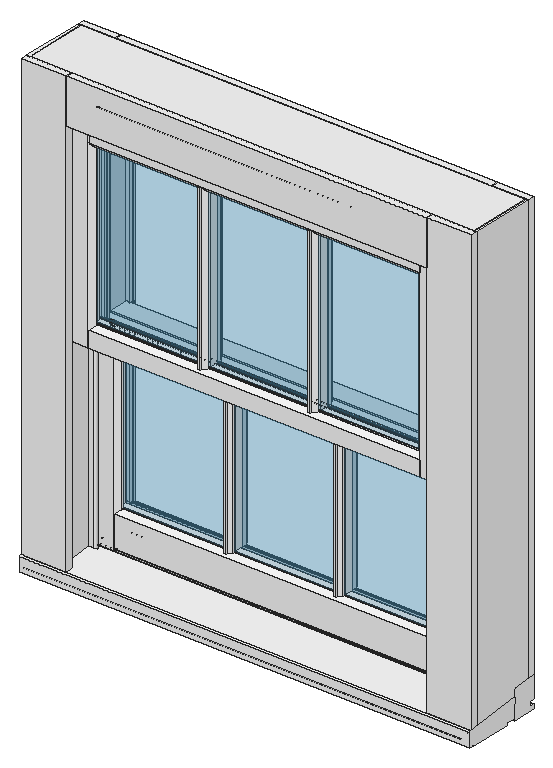
Revit family "B1-33V", category Generic Models, Revit 2012 (continued)
Automatic sketch dimensions
  Extrusion 35 sketch curve to Extrusion 35 sketch curve = 5.127 mm
  Extrusion 35 sketch curve to Extrusion 35 sketch curve = 0.03 mm
  plane 16 to Extrusion 35 sketch curve = 0.103 mm
  Extrusion 35 sketch curve to Extrusion 35 sketch curve = 0.032 mm
  Extrusion 35 sketch curve to Extrusion 35 sketch curve = 0.539 mm
  Extrusion 35 sketch curve to Extrusion 35 sketch curve = 0.526 mm
  plane 7 to Extrusion 36 sketch curve = 39.75 mm
  Extrusion 36 sketch curve to Extrusion 36 sketch curve = 1 mm
  Extrusion 36 sketch curve to Extrusion 36 sketch curve = 3 mm  (x2)
  Extrusion 36 sketch curve to Extrusion 36 sketch curve = 24 mm
  Extrusion 36 sketch curve to Extrusion 36 sketch curve = 2 mm
  plane 16 to Extrusion 36 sketch curve = 61.495 mm
  Extrusion 36 sketch curve to Extrusion 36 sketch curve = 0.246 mm  (x3)
  Extrusion 36 sketch curve to Extrusion 36 sketch curve = 0.491 mm
  Extrusion 36 sketch curve to Extrusion 36 sketch curve = 4 mm
  plane 5 to Extrusion 37 sketch curve = 7.079 mm
  plane 5 to Extrusion 37 sketch curve = 8.579 mm  (x2)
  plane 5 to Extrusion 37 sketch curve = 31.079 mm  (x2)
  Extrusion 37 sketch curve to Extrusion 37 sketch curve = 22.5 mm  (x4)
  Extrusion 37 sketch curve to plane 1 "Center (Front/Back)" = 7.75 mm
  Extrusion 37 sketch curve to Extrusion 37 sketch curve = 1.5 mm
  Extrusion 37 sketch curve to Extrusion 37 sketch curve = 20 mm
  Extrusion 37 sketch curve to Extrusion 37 sketch curve = 7 mm
  Extrusion 37 sketch curve to Extrusion 37 sketch curve = 14 mm
  Extrusion 37 sketch curve to plane 1 "Center (Front/Back)" = 30.25 mm
  Extrusion 37 sketch curve to Extrusion 37 sketch curve = 9 mm
  Extrusion 37 sketch curve to Extrusion 37 sketch curve = 11.5 mm  (x2)
  Extrusion 37 sketch curve to Extrusion 37 sketch curve = 4 mm
  Extrusion 37 sketch curve to Extrusion 37 sketch curve = 3 mm
  plane 7 to Extrusion 37 sketch curve = 29 mm
  Extrusion 39 sketch curve to plane 8 = 44.922 mm
  Extrusion 39 sketch curve to Extrusion 39 sketch curve = 0 mm  (x2)
  Extrusion 39 sketch curve to Extrusion 39 sketch curve = 3 mm  (x3)
  Extrusion 39 sketch curve to Extrusion 39 sketch curve = 6 mm  (x2)
  Extrusion 39 sketch curve to plane 8 = 4.922 mm
  plane 8 to Extrusion 39 sketch curve = 1.078 mm
  plane 8 to Extrusion 39 sketch curve = 11.078 mm
  Extrusion 39 sketch curve to plane 1 "Center (Front/Back)" = 71.5 mm
  Extrusion 39 sketch curve to Extrusion 39 sketch curve = 5 mm
  Extrusion 39 sketch curve to Extrusion 39 sketch curve = 10 mm
  Extrusion 39 sketch curve to Extrusion 39 sketch curve = 12 mm  (x2)
  Extrusion 39 sketch curve to Extrusion 39 sketch curve = 13 mm
  Extrusion 39 sketch curve to Extrusion 39 sketch curve = 21 mm
  Extrusion 40 sketch curve to plane 8 = 4.922 mm
  plane 8 to Extrusion 40 sketch curve = 0.078 mm
  plane 8 to Extrusion 40 sketch curve = 7.078 mm
  Extrusion 40 sketch curve to Extrusion 40 sketch curve = 1 mm  (x2)
  Extrusion 40 sketch curve to Extrusion 40 sketch curve = 3 mm  (x3)
  plane 7 to Extrusion 40 sketch curve = 43.25 mm
  Extrusion 40 sketch curve to Extrusion 40 sketch curve = 4 mm
  Extrusion 43 sketch curve to plane 8 = 44.921 mm
  Extrusion 43 sketch curve to Extrusion 43 sketch curve = 0 mm  (x2)
  plane 1 "Center (Front/Back)" to Extrusion 43 sketch curve = 0 mm
  Extrusion 43 sketch curve to Extrusion 43 sketch curve = 3 mm  (x4)
  Extrusion 43 sketch curve to Extrusion 43 sketch curve = 6 mm
  Extrusion 43 sketch curve to plane 8 = 4.921 mm
  plane 8 to Extrusion 43 sketch curve = 1.079 mm
  plane 8 to Extrusion 43 sketch curve = 11.079 mm
  Extrusion 43 sketch curve to plane 1 "Center (Front/Back)" = 10 mm
  Extrusion 43 sketch curve to Extrusion 43 sketch curve = 2 mm
  Extrusion 43 sketch curve to Extrusion 43 sketch curve = 21 mm
  Extrusion 43 sketch curve to Extrusion 43 sketch curve = 12 mm
  Extrusion 43 sketch curve to Extrusion 43 sketch curve = 13 mm
  Extrusion 43 sketch curve to Extrusion 43 sketch curve = 5 mm
  Extrusion 44 sketch curve to plane 8 = 4.921 mm
  plane 8 to Extrusion 44 sketch curve = 0.079 mm
  plane 8 to Extrusion 44 sketch curve = 7.079 mm
  Extrusion 44 sketch curve to Extrusion 44 sketch curve = 1 mm  (x2)
  Extrusion 44 sketch curve to Extrusion 44 sketch curve = 3 mm  (x3)
  Extrusion 44 sketch curve to plane 1 "Center (Front/Back)" = 38 mm
  Extrusion 44 sketch curve to Extrusion 44 sketch curve = 4 mm
  Extrusion 45 sketch curve to plane 8 = 51.01 mm
  Extrusion 45 sketch curve to Extrusion 45 sketch curve = 0.361 mm  (x2)
  Extrusion 45 sketch curve to Extrusion 45 sketch curve = 0.331 mm  (x2)
  Extrusion 45 sketch curve to Extrusion 45 sketch curve = 0.529 mm
  Extrusion 45 sketch curve to Extrusion 45 sketch curve = 3.012 mm
  Extrusion 45 sketch curve to Extrusion 45 sketch curve = 0.359 mm
  Extrusion 45 sketch curve to Extrusion 45 sketch curve = 0.129 mm  (x2)
  Extrusion 45 sketch curve to Extrusion 45 sketch curve = 0.752 mm
  Extrusion 45 sketch curve to Extrusion 45 sketch curve = 0.163 mm
  Extrusion 45 sketch curve to Extrusion 45 sketch curve = 4.348 mm
  Extrusion 45 sketch curve to Extrusion 45 sketch curve = 0.097 mm
  Extrusion 45 sketch curve to Extrusion 45 sketch curve = 0.227 mm
  Extrusion 45 sketch curve to Extrusion 45 sketch curve = 0.367 mm
  Extrusion 45 sketch curve to Extrusion 45 sketch curve = 0.604 mm
  Extrusion 45 sketch curve to Extrusion 45 sketch curve = 0.911 mm
  Extrusion 45 sketch curve to Extrusion 45 sketch curve = 0.79 mm  (x2)
  Extrusion 45 sketch curve to Extrusion 45 sketch curve = 1.387 mm
  Extrusion 45 sketch curve to Extrusion 45 sketch curve = 0.62 mm
  Extrusion 45 sketch curve to Extrusion 45 sketch curve = 0.185 mm
  Extrusion 45 sketch curve to Extrusion 45 sketch curve = 0.733 mm
  plane 7 to Extrusion 45 sketch curve = 73.654 mm
  Extrusion 45 sketch curve to Extrusion 45 sketch curve = 0.066 mm
  Extrusion 45 sketch curve to Extrusion 45 sketch curve = 1.649 mm
  Extrusion 45 sketch curve to Extrusion 45 sketch curve = 0.306 mm
  Extrusion 45 sketch curve to Extrusion 45 sketch curve = 2.482 mm
  Extrusion 45 sketch curve to Extrusion 45 sketch curve = 0.865 mm
  Extrusion 45 sketch curve to Extrusion 45 sketch curve = 0.036 mm
  Extrusion 45 sketch curve to Extrusion 45 sketch curve = 0.077 mm
  Extrusion 45 sketch curve to Extrusion 45 sketch curve = 1.035 mm
  Extrusion 45 sketch curve to Extrusion 45 sketch curve = 0.774 mm
  Extrusion 45 sketch curve to Extrusion 45 sketch curve = 0.368 mm
  Extrusion 45 sketch curve to Extrusion 45 sketch curve = 0.557 mm
  Extrusion 45 sketch curve to Extrusion 45 sketch curve = 0.18 mm
  Extrusion 45 sketch curve to Extrusion 45 sketch curve = 0.155 mm
  Extrusion 45 sketch curve to Extrusion 45 sketch curve = 0.228 mm
  Extrusion 46 sketch curve to plane 8 = 51.01 mm
  Extrusion 46 sketch curve to Extrusion 46 sketch curve = 0.402 mm
  Extrusion 46 sketch curve to Extrusion 46 sketch curve = 0.389 mm
  Extrusion 46 sketch curve to Extrusion 46 sketch curve = 3.47 mm
  Extrusion 46 sketch curve to Extrusion 46 sketch curve = 0.129 mm  (x2)
  Extrusion 46 sketch curve to Extrusion 46 sketch curve = 0.752 mm
  Extrusion 46 sketch curve to Extrusion 46 sketch curve = 0.163 mm
  Extrusion 46 sketch curve to Extrusion 46 sketch curve = 0.848 mm
  Extrusion 46 sketch curve to Extrusion 46 sketch curve = 0.092 mm
  Extrusion 46 sketch curve to Extrusion 46 sketch curve = 0.227 mm
  Extrusion 46 sketch curve to Extrusion 46 sketch curve = 0.4 mm
  Extrusion 46 sketch curve to Extrusion 46 sketch curve = 0.019 mm
  Extrusion 46 sketch curve to Extrusion 46 sketch curve = 0.794 mm
  Extrusion 46 sketch curve to Extrusion 46 sketch curve = 0.616 mm
  Extrusion 46 sketch curve to Extrusion 46 sketch curve = 0.767 mm
  Extrusion 46 sketch curve to Extrusion 46 sketch curve = 0.79 mm
  Extrusion 46 sketch curve to Extrusion 46 sketch curve = 0.784 mm
  Extrusion 46 sketch curve to Extrusion 46 sketch curve = 0.331 mm  (x2)
  Extrusion 46 sketch curve to plane 1 "Center (Front/Back)" = 42.945 mm
  Extrusion 46 sketch curve to Extrusion 46 sketch curve = 0.032 mm
  Extrusion 46 sketch curve to Extrusion 46 sketch curve = 0.011 mm
  Extrusion 46 sketch curve to Extrusion 46 sketch curve = 0.735 mm
  Extrusion 46 sketch curve to Extrusion 46 sketch curve = 0.552 mm
  Extrusion 46 sketch curve to Extrusion 46 sketch curve = 0.545 mm
  Extrusion 46 sketch curve to Extrusion 46 sketch curve = 0.126 mm
  Extrusion 46 sketch curve to Extrusion 46 sketch curve = 3.982 mm
  Extrusion 46 sketch curve to Extrusion 46 sketch curve = 3.772 mm
  Extrusion 46 sketch curve to Extrusion 46 sketch curve = 0.731 mm
  Extrusion 46 sketch curve to Extrusion 46 sketch curve = 0.088 mm
  Extrusion 46 sketch curve to Extrusion 46 sketch curve = 0.31 mm
  Extrusion 46 sketch curve to Extrusion 46 sketch curve = 0.222 mm
  Extrusion 46 sketch curve to Extrusion 46 sketch curve = 1.707 mm
  plane 7 to Extrusion 50 sketch curve = 16.974 mm
  Extrusion 50 sketch curve to plane 8 = 43.939 mm
  Extrusion 50 sketch curve to Extrusion 50 sketch curve = 5.328 mm
  Extrusion 50 sketch curve to Extrusion 50 sketch curve = 1.303 mm
  Extrusion 51 sketch curve to plane 8 = 43.976 mm
  plane 7 to Extrusion 51 sketch curve = 18.277 mm
  Extrusion 51 sketch curve to Extrusion 51 sketch curve = 2.083 mm
  Extrusion 51 sketch curve to Extrusion 51 sketch curve = 1.235 mm
  Extrusion 51 sketch curve to Extrusion 51 sketch curve = 2.363 mm
  Extrusion 51 sketch curve to Extrusion 51 sketch curve = 4.662 mm
  plane 1 "Center (Front/Back)" to Extrusion 52 sketch curve = 2.034 mm
  Extrusion 52 sketch curve to plane 8 = 42.228 mm
  Extrusion 52 sketch curve to Extrusion 52 sketch curve = 1.26 mm
  Extrusion 52 sketch curve to Extrusion 52 sketch curve = 3.11 mm
  Extrusion 52 sketch curve to Extrusion 52 sketch curve = 0.958 mm
  Extrusion 52 sketch curve to Extrusion 52 sketch curve = 1.305 mm
  Extrusion 53 sketch curve to plane 1 "Center (Front/Back)" = 2.628 mm
  Extrusion 53 sketch curve to plane 8 = 42.114 mm
  plane 1 "Center (Front/Back)" to Extrusion 53 sketch curve = 2.034 mm
  Extrusion 53 sketch curve to Extrusion 53 sketch curve = 2.083 mm
  Extrusion 53 sketch curve to Extrusion 53 sketch curve = 1.235 mm
  Extrusion 53 sketch curve to Extrusion 53 sketch curve = 2.363 mm
  plane 1 "Center (Front/Back)" to Extrusion 54 sketch curve = 1.25 mm  (x2)
  Extrusion 54 sketch curve to plane 8 = 42.921 mm
  Extrusion 54 sketch curve to Extrusion 54 sketch curve = 0.693 mm
  Extrusion 54 sketch curve to Extrusion 54 sketch curve = 0.8 mm  (x2)
  Extrusion 54 sketch curve to Extrusion 54 sketch curve = 1.557 mm
  Extrusion 54 sketch curve to Extrusion 54 sketch curve = 2.435 mm
  Extrusion 54 sketch curve to Extrusion 54 sketch curve = 0.536 mm
  Extrusion 54 sketch curve to Extrusion 54 sketch curve = 0.979 mm
  Extrusion 54 sketch curve to Extrusion 54 sketch curve = 0.786 mm  (x2)
  Extrusion 54 sketch curve to Extrusion 54 sketch curve = 1.303 mm
  Extrusion 54 sketch curve to Extrusion 54 sketch curve = 0.911 mm  (x2)
  Extrusion 54 sketch curve to Extrusion 54 sketch curve = 4 mm
  Extrusion 55 sketch curve to plane 4 = 0 mm
  Extrusion 55 sketch curve to plane 6 = 0 mm
  Extrusion 55 sketch curve to plane 12 = 0 mm
  Extrusion 55 sketch curve to plane 15 = 0 mm  (x2)
  plane 1 "Center (Front/Back)" to Extrusion 55 sketch curve = 8.25 mm
  Extrusion 55 sketch curve to Extrusion 55 sketch curve = 1.712 mm
  Extrusion 55 sketch curve to Extrusion 55 sketch curve = 0 mm  (x8)
  plane 1 "Center (Front/Back)" to Extrusion 55 sketch curve = 6.25 mm  (x2)
  Extrusion 55 sketch curve to Extrusion 55 sketch curve = 0.836 mm
  Extrusion 55 sketch curve to Extrusion 55 sketch curve = 0.634 mm
  Extrusion 55 sketch curve to Extrusion 55 sketch curve = 0.996 mm  (x6)
  Extrusion 55 sketch curve to Extrusion 55 sketch curve = 0.819 mm
  Extrusion 55 sketch curve to Extrusion 55 sketch curve = 0.456 mm
  plane 1 "Center (Front/Back)" to Extrusion 55 sketch curve = 1.25 mm  (x3)
  plane 15 to Extrusion 55 sketch curve = 7 mm
  Extrusion 55 sketch curve to plane 1 "Center (Front/Back)" = 61.75 mm
  Extrusion 55 sketch curve to Extrusion 55 sketch curve = 4 mm
  plane 12 to Extrusion 55 sketch curve = 4 mm
  plane 12 to Extrusion 55 sketch curve = 5 mm
  Extrusion 55 sketch curve to Extrusion 55 sketch curve = 2.25 mm
  Extrusion 55 sketch curve to Extrusion 55 sketch curve = 0.254 mm
  Extrusion 55 sketch curve to Extrusion 55 sketch curve = 0.508 mm  (x3)
  Extrusion 55 sketch curve to plane 13 = 2 mm
  plane 15 to Extrusion 55 sketch curve = 9 mm
  Extrusion 55 sketch curve to Extrusion 55 sketch curve = 8 mm
  Extrusion 55 sketch curve to plane 4 = 6 mm
  plane 7 to Extrusion 56 sketch curve = 0 mm
  plane 5 to Extrusion 56 sketch curve = 0.079 mm
  Extrusion 56 sketch curve to plane 8 = 48.921 mm
  plane 7 to Extrusion 56 sketch curve = 15 mm
  Extrusion 57 sketch curve to plane 6 = 0 mm
  plane 5 to Extrusion 57 sketch curve = 0.079 mm
  plane 1 "Center (Front/Back)" to Extrusion 57 sketch curve = 6.25 mm
  Extrusion 57 sketch curve to plane 8 = 30.921 mm
  Extrusion 58 sketch curve to plane 4 = 0 mm
  Extrusion 58 sketch curve to plane 16 = 0 mm
  plane 1 "Center (Front/Back)" to Extrusion 58 sketch curve = 6.25 mm
  Extrusion 58 sketch curve to plane 16 = 4.175 mm
  plane 7 to Extrusion 58 sketch curve = 54.25 mm
  plane 7 to Extrusion 58 sketch curve = 20.25 mm
  plane 7 to Extrusion 58 sketch curve = 15 mm
  Extrusion 58 sketch curve to Extrusion 58 sketch curve = 4.913 mm  (x2)
  Extrusion 58 sketch curve to Extrusion 58 sketch curve = 3 mm
  plane 14 to Extrusion 58 sketch curve = 2.138 mm
  Extrusion 59 sketch curve to plane 4 = 0 mm
  plane 1 "Center (Front/Back)" to Extrusion 59 sketch curve = 6.25 mm
  Extrusion 59 sketch curve to plane 4 = 6 mm
  plane 7 to Extrusion 59 sketch curve = 15 mm
  Sweep 60 sketch curve to plane 16 = 0 mm
  Sweep 60 sketch curve to plane 12 = 0 mm
  Sweep 60 sketch curve to plane 3 "Center (Left/Right)" = 0 mm
  Sweep 60 sketch curve to plane 8 = 48.921 mm
  profile plane to Sweep 60 sketch curve = 0 mm
  Sweep 60 sketch curve to Sweep 60 sketch curve = 3 mm
  Sweep 60 sketch curve to Sweep 60 sketch curve = 6 mm
  Sweep 60 sketch curve to profile plane = 176.75 mm
  Sweep 60 sketch curve to Sweep 60 sketch curve = 14 mm
  Extrusion 61 sketch curve to plane 15 = 0 mm
  Extrusion 61 sketch curve to plane 4 = 0 mm
  Extrusion 61 sketch curve to plane 7 = 0 mm
  plane 7 to Extrusion 61 sketch curve = 15 mm  (x2)
  Extrusion 61 sketch curve to Extrusion 61 sketch curve = 5 mm  (x2)
  plane 15 to Extrusion 61 sketch curve = 9 mm
  Extrusion 61 sketch curve to Extrusion 61 sketch curve = 8 mm
  Extrusion 61 sketch curve to plane 4 = 6 mm
  plane 7 to Extrusion 62 sketch curve = 20 mm
  plane 5 to Extrusion 62 sketch curve = 56.079 mm
  Extrusion 62 sketch curve to Extrusion 62 sketch curve = 9 mm  (x3)
  plane 1 "Center (Front/Back)" to Extrusion 62 sketch curve = 1.25 mm  (x2)
  Extrusion 62 sketch curve to Extrusion 62 sketch curve = 8 mm  (x2)
  plane 1 "Center (Front/Back)" to Extrusion 62 sketch curve = 6.25 mm
  Extrusion 62 sketch curve to Extrusion 62 sketch curve = 0 mm
  Extrusion 62 sketch curve to Extrusion 62 sketch curve = 5 mm
  Extrusion 63 sketch curve to plane 8 = 4.922 mm
  plane 8 to Extrusion 63 sketch curve = 0.078 mm
  plane 8 to Extrusion 63 sketch curve = 7.078 mm
  Extrusion 63 sketch curve to Extrusion 63 sketch curve = 1 mm  (x2)
  Extrusion 63 sketch curve to Extrusion 63 sketch curve = 3 mm  (x3)
  plane 7 to Extrusion 63 sketch curve = 43.25 mm
  Extrusion 63 sketch curve to Extrusion 63 sketch curve = 4 mm
  Extrusion 64 sketch curve to plane 8 = 44.922 mm
  Extrusion 64 sketch curve to Extrusion 64 sketch curve = 0 mm  (x2)
  Extrusion 64 sketch curve to Extrusion 64 sketch curve = 3 mm  (x3)
  Extrusion 64 sketch curve to Extrusion 64 sketch curve = 6 mm  (x2)
  Extrusion 64 sketch curve to plane 8 = 4.922 mm
  Extrusion 64 sketch curve to plane 1 "Center (Front/Back)" = 71.5 mm
  Extrusion 64 sketch curve to Extrusion 64 sketch curve = 5 mm
  Extrusion 64 sketch curve to Extrusion 64 sketch curve = 13 mm
  Extrusion 64 sketch curve to Extrusion 64 sketch curve = 12 mm
  Extrusion 64 sketch curve to Extrusion 64 sketch curve = 21 mm
  plane 17 to Extrusion 65 sketch curve = 7.079 mm
  plane 17 to Extrusion 65 sketch curve = 8.579 mm  (x2)
  plane 17 to Extrusion 65 sketch curve = 31.079 mm  (x2)
  Extrusion 65 sketch curve to plane 24 = 28.421 mm  (x2)
  Extrusion 65 sketch curve to plane 1 "Center (Front/Back)" = 7.75 mm
  Extrusion 65 sketch curve to Extrusion 65 sketch curve = 1.5 mm
  Extrusion 65 sketch curve to plane 24 = 6.921 mm
  plane 24 to Extrusion 65 sketch curve = 0.079 mm
  Extrusion 65 sketch curve to Extrusion 65 sketch curve = 14 mm
  Extrusion 65 sketch curve to plane 1 "Center (Front/Back)" = 30.25 mm
  Extrusion 65 sketch curve to Extrusion 65 sketch curve = 22.5 mm  (x2)
  Extrusion 65 sketch curve to Extrusion 65 sketch curve = 9 mm
  Extrusion 65 sketch curve to Extrusion 65 sketch curve = 11.5 mm  (x2)
  Extrusion 65 sketch curve to Extrusion 65 sketch curve = 4 mm
  Extrusion 65 sketch curve to Extrusion 65 sketch curve = 3 mm
  plane 7 to Extrusion 65 sketch curve = 29 mm
  plane 17 to Extrusion 66 sketch curve = 34.062 mm  (x2)
  Extrusion 66 sketch curve to plane 24 = 2.938 mm  (x4)
  plane 24 to Extrusion 66 sketch curve = 0.062 mm  (x2)
  plane 7 to Extrusion 66 sketch curve = 37.812 mm
  Extrusion 66 sketch curve to Extrusion 66 sketch curve = 6.5 mm  (x3)
  Extrusion 66 sketch curve to Extrusion 66 sketch curve = 16 mm  (x2)
  Extrusion 66 sketch curve to Extrusion 66 sketch curve = 42 mm
  Extrusion 66 sketch curve to plane 1 "Center (Front/Back)" = 37.437 mm
  plane 24 to Extrusion 67 sketch curve = 4.078 mm  (x2)
  Extrusion 67 sketch curve to Extrusion 67 sketch curve = 0 mm
  Extrusion 67 sketch curve to Extrusion 67 sketch curve = 3 mm  (x3)
  Extrusion 67 sketch curve to Extrusion 67 sketch curve = 6 mm  (x2)
  plane 3 "Center (Left/Right)" to Extrusion 67 sketch curve = 4.922 mm
  Extrusion 67 sketch curve to plane 3 "Center (Left/Right)" = 1.078 mm
  Extrusion 67 sketch curve to plane 3 "Center (Left/Right)" = 11.078 mm
  plane 7 to Extrusion 67 sketch curve = 21.25 mm
  Extrusion 67 sketch curve to Extrusion 67 sketch curve = 21 mm
  Extrusion 67 sketch curve to Extrusion 67 sketch curve = 12 mm  (x2)
  Extrusion 67 sketch curve to Extrusion 67 sketch curve = 13 mm
  Extrusion 67 sketch curve to Extrusion 67 sketch curve = 2 mm
  Extrusion 67 sketch curve to Extrusion 67 sketch curve = 5 mm
  plane 3 "Center (Left/Right)" to Extrusion 68 sketch curve = 4.922 mm
  Extrusion 68 sketch curve to plane 3 "Center (Left/Right)" = 0.078 mm
  Extrusion 68 sketch curve to plane 3 "Center (Left/Right)" = 7.078 mm
  Extrusion 68 sketch curve to Extrusion 68 sketch curve = 1 mm  (x2)
  Extrusion 68 sketch curve to Extrusion 68 sketch curve = 3 mm  (x2)
  plane 7 to Extrusion 68 sketch curve = 24.25 mm
  Extrusion 68 sketch curve to Extrusion 68 sketch curve = 4 mm
  Extrusion 68 sketch curve to Extrusion 68 sketch curve = 8 mm
  plane 24 to Extrusion 69 sketch curve = 4.079 mm  (x2)
  Extrusion 69 sketch curve to Extrusion 69 sketch curve = 0 mm
  plane 1 "Center (Front/Back)" to Extrusion 69 sketch curve = 0 mm
  Extrusion 69 sketch curve to Extrusion 69 sketch curve = 3 mm  (x4)
  Extrusion 69 sketch curve to Extrusion 69 sketch curve = 6 mm
  plane 3 "Center (Left/Right)" to Extrusion 69 sketch curve = 4.921 mm
  Extrusion 69 sketch curve to plane 3 "Center (Left/Right)" = 1.079 mm
  Extrusion 69 sketch curve to plane 3 "Center (Left/Right)" = 11.079 mm
  Extrusion 69 sketch curve to plane 1 "Center (Front/Back)" = 10 mm
  Extrusion 69 sketch curve to Extrusion 69 sketch curve = 2 mm
  Extrusion 69 sketch curve to Extrusion 69 sketch curve = 21 mm
  Extrusion 69 sketch curve to Extrusion 69 sketch curve = 12 mm
  Extrusion 69 sketch curve to Extrusion 69 sketch curve = 13 mm
  Extrusion 69 sketch curve to Extrusion 69 sketch curve = 5 mm
  plane 3 "Center (Left/Right)" to Extrusion 70 sketch curve = 4.921 mm
  Extrusion 70 sketch curve to plane 3 "Center (Left/Right)" = 0.079 mm
  Extrusion 70 sketch curve to plane 3 "Center (Left/Right)" = 7.079 mm
  Extrusion 70 sketch curve to Extrusion 70 sketch curve = 1 mm  (x2)
  Extrusion 70 sketch curve to Extrusion 70 sketch curve = 3 mm  (x2)
  Extrusion 70 sketch curve to plane 1 "Center (Front/Back)" = 57 mm
  Extrusion 70 sketch curve to Extrusion 70 sketch curve = 4 mm
  Extrusion 70 sketch curve to Extrusion 70 sketch curve = 8 mm
  Extrusion 71 sketch curve to plane 24 = 2.01 mm
  Extrusion 71 sketch curve to Extrusion 71 sketch curve = 0.361 mm
  Extrusion 71 sketch curve to Extrusion 71 sketch curve = 0.331 mm  (x3)
  Extrusion 71 sketch curve to Extrusion 71 sketch curve = 0.529 mm
  plane 24 to Extrusion 71 sketch curve = 1.893 mm
  Extrusion 71 sketch curve to Extrusion 71 sketch curve = 0.359 mm
  Extrusion 71 sketch curve to Extrusion 71 sketch curve = 0.129 mm  (x2)
  Extrusion 71 sketch curve to Extrusion 71 sketch curve = 0.752 mm
  Extrusion 71 sketch curve to Extrusion 71 sketch curve = 0.163 mm
  plane 24 to Extrusion 71 sketch curve = 3.228 mm
  Extrusion 71 sketch curve to Extrusion 71 sketch curve = 0.097 mm
  Extrusion 71 sketch curve to Extrusion 71 sketch curve = 0.227 mm
  Extrusion 71 sketch curve to Extrusion 71 sketch curve = 0.367 mm
  Extrusion 71 sketch curve to Extrusion 71 sketch curve = 0.604 mm
  Extrusion 71 sketch curve to Extrusion 71 sketch curve = 0.911 mm
  Extrusion 71 sketch curve to Extrusion 71 sketch curve = 0.79 mm  (x2)
  Extrusion 71 sketch curve to Extrusion 71 sketch curve = 1.387 mm
  Extrusion 71 sketch curve to Extrusion 71 sketch curve = 0.62 mm
  Extrusion 71 sketch curve to Extrusion 71 sketch curve = 0.185 mm
  Extrusion 71 sketch curve to Extrusion 71 sketch curve = 0.733 mm
  plane 7 to Extrusion 71 sketch curve = 64.201 mm
  Extrusion 71 sketch curve to Extrusion 71 sketch curve = 0.044 mm
  Extrusion 71 sketch curve to Extrusion 71 sketch curve = 0.155 mm
  Extrusion 71 sketch curve to Extrusion 71 sketch curve = 1.178 mm
  Extrusion 71 sketch curve to Extrusion 71 sketch curve = 0.18 mm
  Extrusion 71 sketch curve to Extrusion 71 sketch curve = 0.545 mm
  Extrusion 71 sketch curve to Extrusion 71 sketch curve = 0.126 mm
  Extrusion 71 sketch curve to Extrusion 71 sketch curve = 3.329 mm
  Extrusion 71 sketch curve to Extrusion 71 sketch curve = 0.782 mm
  Extrusion 71 sketch curve to Extrusion 71 sketch curve = 0.443 mm
  Extrusion 71 sketch curve to Extrusion 71 sketch curve = 0.342 mm
  Extrusion 71 sketch curve to Extrusion 71 sketch curve = 0.534 mm
  Extrusion 71 sketch curve to Extrusion 71 sketch curve = 0.024 mm
  Extrusion 71 sketch curve to Extrusion 71 sketch curve = 1.649 mm
  Extrusion 71 sketch curve to Extrusion 71 sketch curve = 0.066 mm
  plane 24 to Extrusion 73 sketch curve = 5.061 mm
  Extrusion 73 sketch curve to Extrusion 73 sketch curve = 5.328 mm
  plane 7 to Extrusion 73 sketch curve = 16.974 mm
  Extrusion 73 sketch curve to Extrusion 73 sketch curve = 1.303 mm
  plane 24 to Extrusion 74 sketch curve = 5.024 mm
  Extrusion 74 sketch curve to Extrusion 74 sketch curve = 2.083 mm
  Extrusion 74 sketch curve to Extrusion 74 sketch curve = 1.235 mm
  Extrusion 74 sketch curve to Extrusion 74 sketch curve = 2.363 mm
  plane 7 to Extrusion 74 sketch curve = 18.277 mm
  Extrusion 74 sketch curve to Extrusion 74 sketch curve = 4.662 mm
  plane 7 to Extrusion 78 sketch curve = 0 mm
  plane 17 to Extrusion 78 sketch curve = 0.079 mm
  plane 24 to Extrusion 78 sketch curve = 0.079 mm
  Extrusion 78 sketch curve to Extrusion 78 sketch curve = 15 mm
  plane 6 to Extrusion 79 sketch curve = 0 mm
  plane 17 to Extrusion 79 sketch curve = 0.079 mm
  plane 1 "Center (Front/Back)" to Extrusion 79 sketch curve = 6.25 mm
  plane 24 to Extrusion 79 sketch curve = 18.079 mm
  Extrusion 80 sketch curve to plane 4 = 0 mm
  Extrusion 80 sketch curve to plane 16 = 0 mm
  plane 1 "Center (Front/Back)" to Extrusion 80 sketch curve = 6.25 mm
  Extrusion 80 sketch curve to plane 16 = 4.175 mm
  plane 7 to Extrusion 80 sketch curve = 54.25 mm
  plane 7 to Extrusion 80 sketch curve = 20.25 mm
  plane 7 to Extrusion 80 sketch curve = 15 mm
  Extrusion 80 sketch curve to Extrusion 80 sketch curve = 4.913 mm  (x2)
  Extrusion 80 sketch curve to Extrusion 80 sketch curve = 3 mm
  plane 14 to Extrusion 80 sketch curve = 2.138 mm
  Extrusion 81 sketch curve to plane 24 = 25.921 mm
  Extrusion 81 sketch curve to Extrusion 81 sketch curve = 9 mm  (x2)
  plane 1 "Center (Front/Back)" to Extrusion 81 sketch curve = 1.25 mm  (x2)
  Extrusion 81 sketch curve to Extrusion 81 sketch curve = 8 mm  (x2)
  plane 24 to Extrusion 81 sketch curve = 0.079 mm
  plane 7 to Extrusion 81 sketch curve = 20 mm
  Extrusion 81 sketch curve to Extrusion 81 sketch curve = 0 mm
  Extrusion 81 sketch curve to Extrusion 81 sketch curve = 5 mm  (x2)
  plane 3 "Center (Left/Right)" to Extrusion 82 sketch curve = 4.922 mm
  Extrusion 82 sketch curve to plane 3 "Center (Left/Right)" = 0.078 mm
  Extrusion 82 sketch curve to plane 3 "Center (Left/Right)" = 7.078 mm
  Extrusion 82 sketch curve to Extrusion 82 sketch curve = 1 mm  (x2)
  Extrusion 82 sketch curve to Extrusion 82 sketch curve = 3 mm  (x2)
  plane 7 to Extrusion 82 sketch curve = 24.25 mm
  Extrusion 82 sketch curve to Extrusion 82 sketch curve = 4 mm
  Extrusion 82 sketch curve to Extrusion 82 sketch curve = 8 mm
  plane 24 to Extrusion 83 sketch curve = 4.078 mm  (x3)
  Extrusion 83 sketch curve to Extrusion 83 sketch curve = 3 mm  (x3)
  Extrusion 83 sketch curve to Extrusion 83 sketch curve = 6 mm  (x2)
  plane 3 "Center (Left/Right)" to Extrusion 83 sketch curve = 4.922 mm
  plane 7 to Extrusion 83 sketch curve = 21.25 mm
  Extrusion 83 sketch curve to Extrusion 83 sketch curve = 21 mm
  Extrusion 83 sketch curve to Extrusion 83 sketch curve = 12 mm
  Extrusion 83 sketch curve to Extrusion 83 sketch curve = 13 mm
  Extrusion 83 sketch curve to Extrusion 83 sketch curve = 5 mm
  plane 18 to Extrusion 87 sketch curve = 10.028 mm
  Extrusion 87 sketch curve to plane 18 = 9.972 mm
  plane 7 to Extrusion 87 sketch curve = 63.75 mm
  Extrusion 87 sketch curve to Extrusion 87 sketch curve = 16 mm
  Extrusion 91 sketch curve to plane 19 = 9.949 mm
  plane 19 to Extrusion 91 sketch curve = 10.051 mm
  plane 7 to Extrusion 91 sketch curve = 63.75 mm
  Extrusion 91 sketch curve to Extrusion 91 sketch curve = 16 mm
  Extrusion 2 sketch curve to plane 10 = 0 mm  (x2)
  Extrusion 2 sketch curve to plane 11 = 0 mm  (x2)
  Extrusion 2 sketch curve to plane 10 = 4 mm
  Extrusion 2 sketch curve to plane 1 "Center (Front/Back)" = 38 mm
  Extrusion 2 sketch curve to Extrusion 2 sketch curve = 3 mm
  Extrusion 2 sketch curve to Extrusion 2 sketch curve = 1 mm  (x3)
  Extrusion 2 sketch curve to Extrusion 2 sketch curve = 22 mm
  Extrusion 2 sketch curve to Extrusion 2 sketch curve = 18 mm
  Extrusion 2 sketch curve to Extrusion 2 sketch curve = 4 mm  (x2)
  plane 11 to Extrusion 2 sketch curve = 16.353 mm
  Extrusion 2 sketch curve to Extrusion 2 sketch curve = 4.955 mm
  plane 11 to Extrusion 2 sketch curve = 15 mm
  Extrusion 2 sketch curve to Extrusion 2 sketch curve = 0.045 mm
  Extrusion 2 sketch curve to Extrusion 2 sketch curve = 0.817 mm
  Extrusion 2 sketch curve to plane 10 = 15 mm
  Extrusion 2 sketch curve to Extrusion 2 sketch curve = 6 mm
  Extrusion 2 sketch curve to Extrusion 2 sketch curve = 0.597 mm  (x2)
  plane 11 to Extrusion 2 sketch curve = 5 mm
  Extrusion 2 sketch curve to Extrusion 2 sketch curve = 7 mm
  Extrusion 2 sketch curve to Extrusion 2 sketch curve = 2.94 mm
  Extrusion 2 sketch curve to Extrusion 2 sketch curve = 0.485 mm
  Extrusion 2 sketch curve to Extrusion 2 sketch curve = 1.127 mm
  Extrusion 2 sketch curve to Extrusion 2 sketch curve = 1.388 mm
  Extrusion 2 sketch curve to Extrusion 2 sketch curve = 0.545 mm
  Extrusion 2 sketch curve to Extrusion 2 sketch curve = 4.925 mm
  Extrusion 2 sketch curve to Extrusion 2 sketch curve = 1.295 mm
  Extrusion 2 sketch curve to Extrusion 2 sketch curve = 12 mm
  Extrusion 2 sketch curve to Extrusion 2 sketch curve = 26.5 mm
  Extrusion 2 sketch curve to Extrusion 2 sketch curve = 2.729 mm
  Extrusion 2 sketch curve to Extrusion 2 sketch curve = 0.678 mm
  Extrusion 2 sketch curve to Extrusion 2 sketch curve = 1.861 mm
  Extrusion 2 sketch curve to Extrusion 2 sketch curve = 1.044 mm
  plane 11 to Extrusion 2 sketch curve = 16 mm
  Extrusion 2 sketch curve to Extrusion 2 sketch curve = 0.925 mm
  Extrusion 2 sketch curve to Extrusion 2 sketch curve = 2.532 mm
  Extrusion 2 sketch curve to plane 10 = 5 mm
  radius of Extrusion 37 sketch curve = 3.5 mm  (x2)
  radius of Extrusion 65 sketch curve = 3.5 mm  (x2)
Types (3, lengths in mm): name | Width | Height | GlazingPanelMaterial | Floor Material
  Window Sill drawing | 1003 | 1024 | Glass | White
  Access Manager | 1250 | 1250 | none | none
  window family | 1003 | 1024 | Glass | 1.12A ANCHOR FIXING
